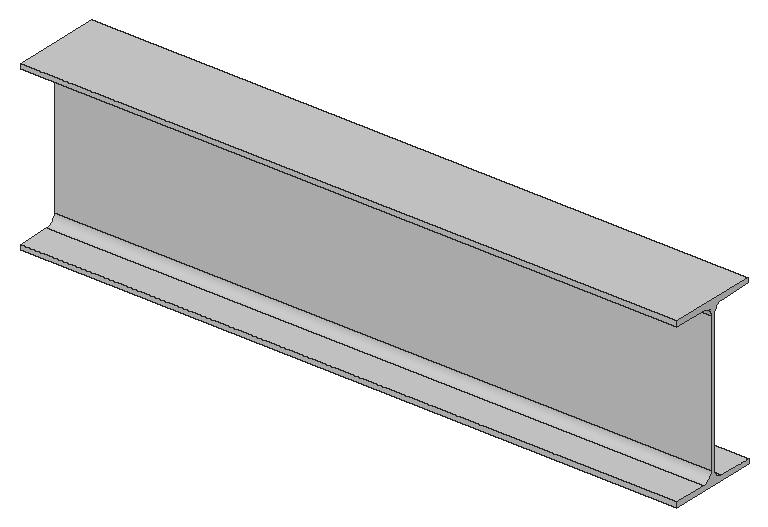
Revit family
Parameters (values of type "W12X26")
  Start Extension Calculation [instance] = 10' 0 1/2" + Start Extension  # 10' - 0"
  Start Extension [instance] = -0' - 0 1/2"
  End Extension Calculation [instance] = 10' 0 1/2" + End Extension  # 10' - 0"
  End Extension [instance] = -0' - 0 1/2"
  Beam Material [instance] = Metal - Steel - ASTM A992
  A = 7.65 in²
  Assembly Code = "B10"
  Length [instance] = 5' - 0"
  W = 26
  bf = 0' - 6 125/256"
  d = 1' - 0 7/32"
  k = 0' - 1 1/16"
  k2 = k - tf  # 0' - 0 175/256"
  tf = 0' - 0 97/256"
  tw = 0' - 0 59/256"
Reference planes (in)
  plane 1 "Center (Front/Back)": y = 0
  plane 2: z = 0
  plane 3 "Center (Left/Right)": x = 0.1815
  plane 4 "Member Left": x = -23.8185
  plane 5 "Member Right": x = 24.1815
  plane 6: y = 3.24414
  plane 7: y = -3.24414
  plane 8 "Top": z = 6.10937
  plane 9: z = -6.10938
  plane 10 "Left": x = -29.8185
  plane 11 "Right": x = 30.1815
  plane 12: x = -23.8185
  plane 13: x = 24.1815
  plane 14: x = 96.1815
  plane 15: x = -95.8185
Forms (in)
  Sweep 1, solid, material "Metal - Steel - ASTM A992" <- "Beam Material", detail levels medium
    path origin (0, 0, 0) x (1, 0, 0) y (0, 1, 0)
      loop
        line (24.1815, 0) -> (-23.8185, 0)
    profile "W-Wide Flange-Profile-Medium : W-Wide Flange-Profile-Medium" origin (0.1815, 0, 0) x (0, -1, 0) y (0, 0, 1)
      loop
        line (-3.24414, -6.10938) -> (3.24414, -6.10938) -> (3.24414, -5.73047) -> (0.11523, -5.73047) -> (0.11523, 5.73047) -> (3.24414, 5.73047) -> (3.24414, 6.10937) -> (-3.24414, 6.10937) -> (-3.24414, 5.73047) -> (-0.11523, 5.73047) -> (-0.11523, -5.73047) -> (-3.24414, -5.73047) -> (-3.24414, -6.10938)
  Sweep 2, solid, material "Metal - Steel - ASTM A992" <- "Beam Material", detail levels fine
    path origin (0, 0, 0) x (1, 0, 0) y (0, 1, 0)
      loop
        line (24.1815, 0) -> (-23.8185, 0)
    profile "W-Wide Flange-Profile-Fine : W-Wide Flange-Profile-Fine" origin (0.1815, 0, 0) x (0, -1, 0) y (0, 0, 1)
      loop
        line (-3.24414, -6.10938) -> (3.24414, -6.10938) -> (3.24414, -5.73047) -> (0.79883, -5.73047)
        arc (0.79883, -5.73047) -> (0.31545, -5.53025) -> (0.11523, -5.04688) r 0.68359
        line (0.11523, -5.04688) -> (0.11523, 5.04687)
        arc (0.11523, 5.04687) -> (0.31545, 5.53025) -> (0.79883, 5.73047) r 0.68359
        line (0.79883, 5.73047) -> (3.24414, 5.73047) -> (3.24414, 6.10937) -> (-3.24414, 6.10937) -> (-3.24414, 5.73047) -> (-0.79883, 5.73047)
        arc (-0.79883, 5.73047) -> (-0.31545, 5.53025) -> (-0.11523, 5.04687) r 0.68359
        line (-0.11523, 5.04687) -> (-0.11523, -5.04688)
        arc (-0.11523, -5.04688) -> (-0.31545, -5.53025) -> (-0.79883, -5.73047) r 0.68359
        line (-0.79883, -5.73047) -> (-3.24414, -5.73047) -> (-3.24414, -6.10938)
Lines and regions (in)
  symbolic lines, style "Stick Symbols", detail levels coarse
    curve 1: line (0.1815, 0, -6.10938) -> (0.1815, 0, 6.10937)
    curve 2: line (0.1815, 3.24414, 6.10937) -> (0.1815, -3.24414, 6.10937)
    curve 3: line (0.1815, -3.24414, -6.10938) -> (0.1815, 3.24414, -6.10938)
  symbolic lines, style "Hidden Faces", detail levels medium+fine
    curve 4: line (-23.8185, -0.11523, 0) -> (24.1815, -0.11523, 0)
    curve 5: line (-23.8185, 0.11523, 0) -> (24.1815, 0.11523, 0)
Dimensions and locks (in)
  "bf": plane 6 to plane 7
  "d": plane 9 to plane 8 "Top"
  equal spacing: plane 9, plane 2, plane 8 "Top"
  equal spacing: plane 6, plane 1 "Center (Front/Back)", plane 7
  "Length": plane 10 "Left" to plane 11 "Right"
  "tw": curve 4 to curve 5
  equal spacing: curve 4, plane 1 "Center (Front/Back)", curve 5
  locked: plane 4 "Member Left" to plane 14 at 120
  locked: plane 15 to plane 5 "Member Right" at 120
  "End Extension Calculation": plane 15 to plane 13
  "Start Extension Calculation": plane 12 to plane 14
  aligned and locked: Sweep 1 sketch curve to plane 1 "Center (Front/Back)"
  aligned and locked: Sweep 2 sketch curve to plane 1 "Center (Front/Back)"
  aligned and locked: Sweep 2 to curve 2  (x2)
  aligned and locked: curve 2 to Sweep 2
  aligned and locked: Sweep 2 to curve 3  (x2)
  aligned and locked: curve 3 to Sweep 2
  aligned and locked: plane 12 to Sweep 2 sketch curve
  aligned and locked: plane 13 to Sweep 2 sketch curve
  aligned and locked: plane 12 to Sweep 1 sketch curve
  aligned and locked: plane 13 to Sweep 1 sketch curve
  aligned and locked: plane 12 to curve 5
  aligned and locked: plane 12 to curve 4
  aligned and locked: plane 13 to curve 5
  aligned and locked: plane 13 to curve 4
Automatic sketch dimensions
  curve 1 to plane 1 "Center (Front/Back)" = 0' - 0"
